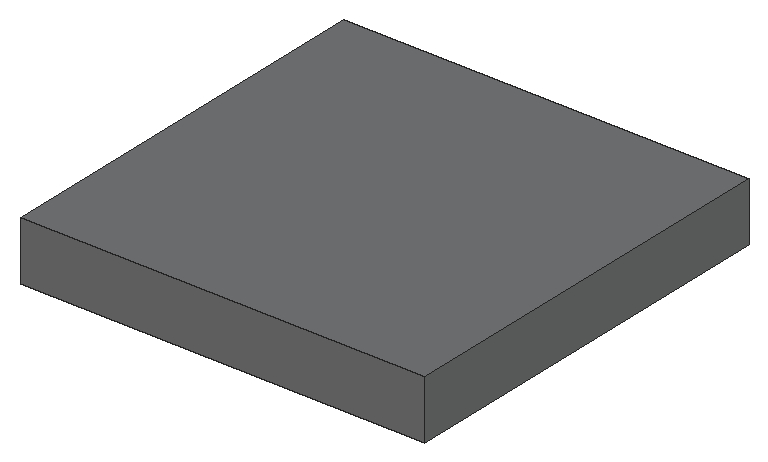
Revit family "Gira_0287600", category Electrical Fixtures, host Face, Revit 2017
Family settings
  Host = Face
  Maintain Annotation Orientation = No
  Round Connector Dimension = Use Diameter
  Part Type = Normal
  Cut with Voids When Loaded = No
  Shared = No
  Room Calculation Point = No
Parameters (values of type "Wippe Symb. Tür System 55 Edelstahl")
  Werkstoffgüte = "sonstige"
  Werkstoff = "Kunststoff"
  Verwendung = "Schalter/Taster"
  URL = "http://katalog.gira.de/de_DE/datenblatt.html?artikelnr=0287600"
  Region = "DE"
  Oberfläche = "sonstige"
  Name = "Wippe Symb. Tür System 55 Edelstahl"
  Mit austauschbarer Linse/Symbol = "No"
  Mit Beschriftungsfeld = "No"
  Manufacturer URL = "https://www.gira.de/"
  Kontrollfenster/Lichtauslass = "Yes"
  Keynote = "Sys55_Abdeckung_Schalten und Tasten"
  HeinzeBIM = "https://bimportal.heinze.de/bim/wippe-symb-tuer-system-55-edelstahl/1545af7a9c0a51d79b2599919698261c8fa614c1"
  Halogenfrei = "No"
  HAN = "0287600"
  Geeignet für Schutzart (IP) = "IP20"
  Geeignet für Bussystem-Tasterankopplung = "No"
  GTIN = "4010337021704"
  Farbe = "edelstahl"
  Default Elevation = 1219.2 mm
  Data sheet (1) = "https://katalog.gira.de/de_DE/download.html?artikelnr=0287600"
  Category = "Abdeckung/Bedienelement für Installationsschalterprogramme"
  Befestigungsart = "Klemmbefestigung"
  Available = "Yes"
  Ausführung = "einteilige Wippe"
  Aufdruck/Kennzeichnung = "Symbol \"Schlüssel/Tür\""
  Anthrazit [instance] = Anthrazit
  Abtastbares Symbol/barrierefrei = "No"
Reference planes
  plane 1 "Center (Front/Back)": y = 0
  plane 2: z = 0
  plane 3 "Center (Left/Right)": x = 0
Forms (mm)
  Extrusion 1, solid, material "Anthrazit" <- "Anthrazit", detail levels fine
    sketch origin (0, 0, 0) x (1, 0, 0) y (0, 1, 0)
      loop
        line (-27.5, 27.5) -> (-27.5, -27.5) -> (27.5, -27.5) -> (27.5, 27.5) -> (-27.5, 27.5)
    from 0 to 8
  Extrusion 2, void
    sketch origin (0, 0, 0) x (1, 0, 0) y (0, 1, 0)
      loop
        line (26, 26) -> (-26, 26) -> (-26, -26) -> (26, -26) -> (26, 26)
    from 0 to 6
  Extrusion 3, solid, material "Anthrazit" <- "Anthrazit", detail levels medium
    sketch origin (0, 0, 0) x (1, 0, 0) y (0, 1, 0)
      loop
        line (-27.5, 27.5) -> (-27.5, -27.5) -> (27.5, -27.5) -> (27.5, 27.5) -> (-27.5, 27.5)
    from 0 to 8
  Extrusion 4, solid, material "Anthrazit" <- "Anthrazit", detail levels medium
    sketch origin (0, 0, 0) x (1, 0, 0) y (0, 1, 0)
      loop
        line (11, -17.5) -> (11, 17.5) -> (-11, 17.5) -> (-11, -17.5) -> (11, -17.5)
    from -6 to 6
  Extrusion 5, solid, material "Anthrazit" <- "Anthrazit", detail levels fine
    sketch origin (0, 0, 0) x (1, 0, 0) y (0, 1, 0)
      loop
        line (11, 17.5) -> (-11, 17.5) -> (-11, 16.5) -> (11, 16.5) -> (11, 17.5)
      loop
        line (-11, -16.5) -> (-11, -17.5) -> (11, -17.5) -> (11, -16.5) -> (-11, -16.5)
    from -4 to 6
  Extrusion 6, solid, material "Anthrazit" <- "Anthrazit", detail levels fine
    sketch origin (0, 0, 0) x (1, 0, 0) y (0, 1, 0)
      loop
        arc (5, 9.347) -> (0, 10.6) -> (-5, 9.347) r 10.6
        line (-5, 9.347) -> (-5, -9.347)
        arc (-5, -9.347) -> (0, -10.6) -> (5, -9.347) r 10.6
        line (5, -9.347) -> (5, 9.347)
    from -6 to 6
  Extrusion 7, solid, material "Anthrazit" <- "Anthrazit", detail levels coarse
    sketch origin (0, 0, 0) x (1, 0, 0) y (0, 1, 0)
      loop
        line (-27.5, 27.5) -> (-27.5, -27.5) -> (27.5, -27.5) -> (27.5, 27.5) -> (-27.5, 27.5)
    from -6 to 8
Cuts and joins
  Extrusion 2 cuts Extrusion 1
Dimensions and locks
  aligned and locked: plane 2 to host face
  aligned and locked: level to host face
